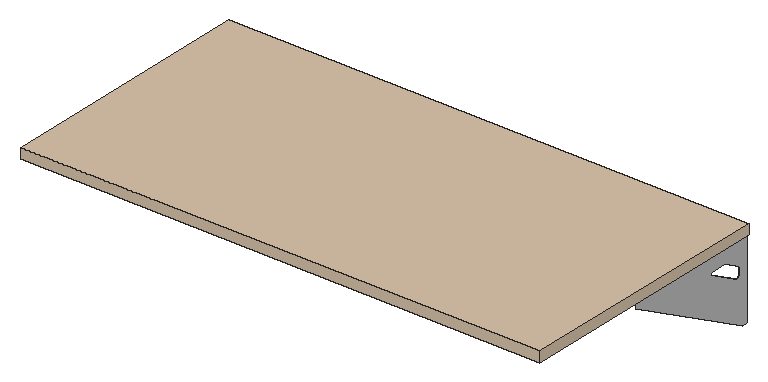
Revit family "Haworth_Compose_Worksurface_Rectangular", category Furniture Systems, Revit 2018
Family settings
  Round Connector Dimension = Use Diameter
  Part Type = Normal
  OmniClass Number = 23.40.70.14.64.21
  OmniClass Title = Systems Furniture
  Work Plane-Based = No
  Always vertical = Yes
  Cut with Voids When Loaded = No
  Shared = No
  Room Calculation Point = No
Parameters (values of type "60w 30d")
  Worksurface Finish = Haworth _ Laminate _ Maple H-AE
  Worksurface Edge Finish = Haworth _ Laminate _ Maple H-AE
  Warranty = "http://www.haworth.com/resources/product-info/warranties"
  URL - Product = "http://www.haworth.com/products/workspaces/panel-based/compose"
  Sustainability Info = "http://media.haworth.com/asset/2999/Compose%20PEDS.pdf"
  Support Right [instance] = and(Right Leg, or(Support Panel, Support Post_90 Degree, Support Post_45 Degree, Support P Leg, Support Column, Double Support Leg, Cantilever Bracket))  # yes
  Support Post_90 Degree = no
  Support Post_45 Degree = no
  Support Panel = not(or(Support Post_90 Degree, Support Post_45 Degree, Support P Leg, Support Column, Double Support Leg, Cantilever Bracket))  # no
  Support P Leg = no
  Support Left [instance] = and(Left Leg, or(Support Panel, Support Post_90 Degree, Support Post_45 Degree, Support P Leg, Support Column, Double Support Leg, Cantilever Bracket))  # yes
  Support Finish = Haworth _ Paint _ Metallic Champagne
  Support Column = no
  Right Leg [instance] = yes
  No Legs [instance] = not(or(Left Leg, Right Leg))  # no
  Model = "WURA"  # constant formula
  Min. Depth = 18"  # constant formula
  Max. Depth = 36"  # constant formula
  Left Leg [instance] = yes
  Height = 29"
  Width = 60"
  URL = "www.haworth.com"
  Support Height = Height - Table Thickness  # 27 13/16"
  Size = "Verify Final Dim. w/ Haworth"  # constant formula
  Revision Number = "5"  # constant formula
  Min/Max Width = "24-120 in."  # constant formula
  Min/Max Height = "26-32 in."  # constant formula
  Min. Width = 24"  # constant formula
  Max. Width = 120"  # constant formula
  Min. Height = 24"  # constant formula
  Max. Height = 48"  # constant formula
  Manufacturer = "Haworth"  # constant formula
  End Support Location = if(Support Panel, 3/4", 1 3/4")  # 1 3/4"
  Double Support Leg = no
  Description = "Haworth - Worksurface - Compose Rectangular"  # constant formula
  Depth = 30"
  Custom Size = not(and(and(not(Height > 32"), not(Height < 26")), or(Depth = 18", Depth = 24", Depth = 30"), or(Width = 24", Width = 30", Width = 36", Width = 42", Width = 48", Width = 54", Width = 60", Width = 66", Width = 72", Width = 78", Width = 84", Width = 90", Width = 96", Width = 102", Width = 108", Width = 114", Width = 120")))  # no
  Cantilever Bracket Location = 1 3/4"  # constant formula
  Cantilever Bracket = yes
  Author = "SHAPE Environments, LLC"  # constant formula
  Assembly Code = "E2020200"
  Actual Width = if(Width > Max. Width, Max. Width, if(Width < Min. Width, Min. Width, Width))  # 60"
  Actual Height = if(Height > Max. Height, Max. Height, if(Height < Min. Height, Min. Height, Height))  # 29"
  Table Thickness = 1 3/16"  # constant formula
  Min/Max Depth = "18-36 in."  # constant formula
  Actual Depth = if(Depth > Max. Depth, Max. Depth, if(Depth < Min. Depth, Min. Depth, Depth))  # 30"
Reference planes (in)
  plane 1 "Center F/B": y = 0
  plane 2 "Floor": z = 0
  plane 3 "Center L/R": x = 0
  plane 4 "Table Edge Left": x = -30
  plane 5 "Table Edge Right": x = 30
  plane 6 "Table Edge Back": y = -15
  plane 7 "Table Edge Front": y = 15
  plane 8 "Table top": z = 29
  plane 9 "End Support Location": x = -28.25
  plane 10 "Masking Region": z = 27
Lines and regions (in)
  Masking region 1
    outline origin (0, 0, 27) x (0, -1, 0) y (1, 0, 0)
      loop
        line (-15, -30) -> (15, -30) -> (15, 30) -> (-15, 30) -> (-15, -30)
Dimensions and locks (in)
  "Actual Depth": plane 7 "Table Edge Front" to plane 6 "Table Edge Back"
  "Actual Width": plane 4 "Table Edge Left" to plane 5 "Table Edge Right"
  equal spacing: plane 4 "Table Edge Left", plane 3 "Center L/R", plane 5 "Table Edge Right"
  equal spacing: plane 7 "Table Edge Front", plane 1 "Center F/B", plane 6 "Table Edge Back"
  "Actual Height": plane 8 "Table top" to level
  "End Support Location": plane 4 "Table Edge Left" to plane 9 "End Support Location"
  "End Support Location": nested 9 to plane 5 "Table Edge Right"
  locked: plane 4 "Table Edge Left" to nested 3 at 3
  locked: nested 3 to plane 6 "Table Edge Back" at 3
  locked: plane 7 "Table Edge Front" to nested 2 at 3
  locked: plane 4 "Table Edge Left" to nested 2 at 3
  locked: nested 5 to plane 5 "Table Edge Right" at 3
  locked: nested 5 to plane 6 "Table Edge Back" at 3
  locked: plane 7 "Table Edge Front" to nested 4 at 3
  locked: nested 4 to plane 5 "Table Edge Right" at 3
  locked: nested 7 to plane 5 "Table Edge Right" at 6
  locked: plane 4 "Table Edge Left" to nested 6 at 6
  locked: plane 8 "Table top" to plane 10 "Masking Region" at 2
  "Cantilever Bracket Location": plane 4 "Table Edge Left" to nested 10
  "Cantilever Bracket Location": nested 11 to plane 5 "Table Edge Right"
  aligned and locked: plane 3 "Center L/R" to nested 1
  aligned and locked: plane 1 "Center F/B" to nested 1
  aligned and locked: nested 8 to plane 1 "Center F/B"
  aligned and locked: plane 9 "End Support Location" to nested 8
  aligned and locked: nested 9 to plane 1 "Center F/B"
  aligned and locked: plane 1 "Center F/B" to nested 6
  aligned and locked: plane 1 "Center F/B" to nested 7
  aligned and locked: plane 4 "Table Edge Left" to Masking region 1 sketch curve
  aligned and locked: Masking region 1 sketch curve to plane 7 "Table Edge Front"
  aligned and locked: nested 1 to Masking region 1 sketch curve
  aligned and locked: Masking region 1 sketch curve to nested 1
  aligned: nested 10 to plane 4 "Table Edge Left"
  aligned and locked: plane 7 "Table Edge Front" to nested 10
  aligned and locked: plane 7 "Table Edge Front" to nested 11
  aligned: plane 5 "Table Edge Right" to nested 11
  aligned: nested 11 to plane 5 "Table Edge Right"
Nested families (in)
  nested 1: "Worksurface-Rectangular" at (0, -15, 0), type "Worksurface"
  nested 2: "Haworth_Worksurface-Support_Part-Leg" at (-35.5, -9.23931, 0), visible <- "Support Left", type "Support"
  nested 3: "Haworth_Worksurface-Support_Part-Leg" at (-35.5, 9.23931, 0), visible <- "Support Left", type "Support"
  nested 4: "Haworth_Worksurface-Support_Part-Leg" at (18.5, 33.23931, 0), visible <- "Support Right", type "Support"
  nested 5: "Haworth_Worksurface-Support_Part-Leg" at (35.5, 9.23931, 0) x (-1, 0, 0) z (0, 0, 1), visible <- "Support Right", type "Support"
  nested 6: "Haworth_Worksurface-Support_Part-Round" at (-24, -5.5, 0), visible <- "Support Left", type "Base"
    with Support Column no, Disc Base no
  nested 7: "Haworth_Worksurface-Support_Part-Round" at (24, -5.5, 0), visible <- "Support Right", type "Base"
    with Support Column no, Disc Base no
  nested 8: "Haworth_Worksurface-Support_Part-End" at (-36.75, 7.86431, 0), visible <- "Support Left", type "Support"
    with Support P Leg no, Leg Support no, Back Support Location 1"
  nested 9: "Haworth_Worksurface-Support_Part-End" at (19.75, 7.86431, 0), visible <- "Support Right", type "Support"
    with Support P Leg no, Leg Support no, Back Support Location 1"
  nested 10: "Haworth_Worksurface-Support_Part-Cantilever-Compose" at (-38.32813, 7.86431, 0), visible <- "Support Left", type "Support"
  nested 11: "Haworth_Worksurface-Support_Part-Cantilever-Compose" at (38.32813, 7.86431, 0) x (-1, 0, 0) z (0, 0, 1), visible <- "Support Right", type "Support"
Definition of nested family "Worksurface-Rectangular"
  Parameters
    Width = 0"
    Warranty = ""
    URL - Product = ""
    URL = "www.haworth.com"
    Table Thickness = 1 3/16"
    Table Finish = none
    Table Edge Finish = none
    Sustainability Info = ""
    Squared Corners = yes
    Size = "Verify Final Dim. w/ Haworth"  # constant formula
    Rounded Corners = no
    Revision Number = ""
    OmniClass Number = ""
    Min/Max Width = ""
    Min/Max Height = ""
    Min. Width = 0"
    Max. Width = 0"
    Min. Height = 0"
    Max. Height = 0"
    Material Options = ""
    Manufacturer = "Haworth"  # constant formula
    LEED Data = ""
    Height = 0"
    Author = "SHAPE Environments, LLC"  # constant formula
    Assembly Code = ""
    Actual Width = 60"
    Actual Height = 29"
    Actual Depth = 30"
  Reference planes (in)
    plane 1 "Center F/B": y = 15
    plane 2: z = 0
    plane 3 "Center L/R": x = 0
    plane 4 "Table Front": y = 30
    plane 5 "Table Right": x = 30
    plane 6 "Table Left": x = -30
    plane 7 "Table Back": y = 0
    plane 8 "Table Top": z = 29
    plane 9 "Table Bottom": z = 27.8125
  Forms (in)
    Extrusion 1, solid, material <- "Table Finish", visible <- "Squared Corners"
      sketch origin (0, 0, 0) x (1, 0, 0) y (0, 1, 0)
        loop
          line (-30, 30) -> (-30, 0) -> (30, 0) -> (30, 30) -> (-30, 30)
      from 27.8125 to 29
    Extrusion 2, solid, material <- "Table Finish", visible <- "Rounded Corners"
      sketch origin (0, 0, 0) x (1, 0, 0) y (0, 1, 0)
        loop
          arc (-28.5, 30) -> (-29.56066, 29.56066) -> (-30, 28.5) r 1.5
          line (-30, 28.5) -> (-30, 1.5)
          arc (-30, 1.5) -> (-29.56066, 0.43934) -> (-28.5, 0) r 1.5
          line (-28.5, 0) -> (28.5, 0)
          arc (28.5, 0) -> (29.56066, 0.43934) -> (30, 1.5) r 1.5
          line (30, 1.5) -> (30, 28.5)
          arc (30, 28.5) -> (29.56066, 29.56066) -> (28.5, 30) r 1.5
          line (28.5, 30) -> (-28.5, 30)
      from 27.8125 to 29
  Lines and regions (in)
    Masking region 1, visible <- "Squared Corners"
      outline origin (0, 0, 29) x (-1, 0, 0) y (0, -1, 0)
        loop
          line (30, -30) -> (30, 0) -> (-30, 0) -> (-30, -30) -> (30, -30)
    Masking region 2, visible <- "Rounded Corners"
      outline origin (0, 0, 29) x (-1, 0, 0) y (0, -1, 0)
        loop
          arc (28.5, -30) -> (29.56066, -29.56066) -> (30, -28.5) r 1.5
          line (30, -28.5) -> (30, -1.5)
          arc (30, -1.5) -> (29.56066, -0.43934) -> (28.5, 0) r 1.5
          line (28.5, 0) -> (-28.5, 0)
          arc (-28.5, 0) -> (-29.56066, -0.43934) -> (-30, -1.5) r 1.5
          line (-30, -1.5) -> (-30, -28.5)
          arc (-30, -28.5) -> (-29.56066, -29.56066) -> (-28.5, -30) r 1.5
          line (-28.5, -30) -> (28.5, -30)
  Dimensions and locks (in)
    "Actual Depth": plane 7 "Table Back" to plane 4 "Table Front"
    "Actual Width": plane 6 "Table Left" to plane 5 "Table Right"
    equal spacing: plane 6 "Table Left", plane 3 "Center L/R", plane 5 "Table Right"
    equal spacing: plane 4 "Table Front", plane 1 "Center F/B", plane 7 "Table Back"
    "Table Thickness": plane 8 "Table Top" to plane 9 "Table Bottom"
    "Actual Height": plane 8 "Table Top" to level
    aligned and locked: plane 6 "Table Left" to Extrusion 1 sketch curve
    aligned and locked: Extrusion 1 sketch curve to plane 4 "Table Front"
    aligned and locked: plane 7 "Table Back" to Extrusion 1 sketch curve
    aligned and locked: plane 5 "Table Right" to Extrusion 1 sketch curve
    aligned and locked: plane 8 "Table Top" to Extrusion 1
    aligned and locked: Extrusion 1 to plane 9 "Table Bottom"
    aligned and locked: plane 6 "Table Left" to Extrusion 2 sketch curve
    aligned and locked: Extrusion 2 sketch curve to plane 7 "Table Back"
    aligned and locked: plane 5 "Table Right" to Extrusion 2 sketch curve
    aligned and locked: Extrusion 2 sketch curve to plane 4 "Table Front"
    aligned and locked: plane 8 "Table Top" to Extrusion 2
    aligned and locked: Extrusion 2 to plane 9 "Table Bottom"
    aligned and locked: Masking region 1 sketch curve to plane 7 "Table Back"
    aligned and locked: plane 5 "Table Right" to Masking region 1 sketch curve
    aligned and locked: Masking region 1 sketch curve to plane 4 "Table Front"
    aligned and locked: plane 6 "Table Left" to Masking region 1 sketch curve
    aligned and locked: Masking region 2 sketch curve to Extrusion 2  (x4)
  Automatic sketch dimensions
    plane 6 "Table Left" to Extrusion 2 sketch curve = 1 1/2"
    Extrusion 2 sketch curve to Extrusion 2 sketch curve = 1 1/2"
    plane 5 "Table Right" to Extrusion 2 sketch curve = 1 1/2"  (x2)
    plane 5 "Table Right" to Masking region 2 sketch curve = 1 1/2"  (x2)
    plane 6 "Table Left" to Masking region 2 sketch curve = 1 1/2"  (x2)
Definition of nested family "Haworth_Worksurface-Support_Part-Cantilever-Compose"
  Parameters
    Worksurface Height = 29"
    Worksurface Depth = 30"
    Warranty = ""
    URL - Product = ""
    URL = "www.haworth.com"
    Top Thickness = 1 3/16"
    Sustainability Info = ""
    Support Thickness = 3/32"  # constant formula
    Support Height = Actual Height - Top Thickness  # 27 13/16"
    Support Finish = none
    Support Depth = 16"  # constant formula
    Size = "Verify Final Dim. w/ Haworth"  # constant formula
    Revision Number = "1"  # constant formula
    Model = "Worksurface"
    Standard Height = "12.75 in."  # constant formula
    Standard Depth = "15.75 in."  # constant formula
    Min. Height = 20"  # constant formula
    Min. Depth = 18"  # constant formula
    Max. Height = 48"  # constant formula
    Max. Depth = 36"  # constant formula
    Manufacturer = "Haworth"  # constant formula
    LEED Data = ""
    Description = "Worksurface Support End"  # constant formula
    Cantilever Bracket = yes
    Bottom Strut Thickness = 1"  # constant formula
    Bottom Strut Location = 9"  # constant formula
    Author = "SHAPE Environments, LLC"  # constant formula
    Assembly Code = ""
    Actual Top Thickness = if(Top Thickness > 3", 3", if(Top Thickness < 1", 1", Top Thickness))  # 1 3/16"
    Actual Height = 29"
    Actual Depth = 30"
  Reference planes (in)
    plane 1: z = 0
    plane 2 "Center L/R": x = 8.5
    plane 3 "Support Left Edge": x = 8.45312
    plane 4 "Support Right Edge": x = 8.54688
    plane 5 "Back": y = 7.13569
    plane 6 "Front": y = -8.86431
    plane 7 "Support Top": z = 27.8125
  Forms (in)
    Extrusion 1, solid, material <- "Support Finish", visible <- "Cantilever Bracket"
      sketch origin (8.45312, 0, 0) x (0, -1, 0) y (0, 0, 1)
        loop
          line (-7.13569, 27.71875) -> (-7.13569, 18.71875) -> (-6.51069, 18.71875) -> (8.86431, 27.23304) -> (8.86431, 27.71875) -> (-7.13569, 27.71875)
        loop
          line (-2.13709, 26.21875) -> (-3.85577, 26.21875)
          arc (-3.85577, 26.21875) -> (-3.91832, 26.2108) -> (-3.97688, 26.18745) r 0.25
          line (-3.97688, 26.18745) -> (-5.94171, 25.09938)
          arc (-5.94171, 25.09938) -> (-5.99206, 25.0533) -> (-6.01069, 24.98764) r 0.125
          line (-6.01069, 24.98764) -> (-6.01069, 24.06204)
          arc (-6.01069, 24.06204) -> (-5.88914, 23.84756) -> (-5.64268, 23.84164) r 0.25
          line (-5.64268, 23.84164) -> (-2.03161, 25.84136)
          arc (-2.03161, 25.84136) -> (-1.94116, 26.07007) -> (-2.13709, 26.21875) r 0.20343
      from 0 to -0.09375
    Extrusion 2, solid, material <- "Support Finish", visible <- "Cantilever Bracket"
      sketch origin (0, 0, 27.8125) x (-1, 0, 0) y (0, -1, 0)
        loop
          line (-8.45313, -6.51069) -> (-8.45312, 8.86431) -> (-10.07812, 8.86431) -> (-10.07813, -6.51069) -> (-8.45313, -6.51069)
      from 0 to -0.09375
  Cuts and joins
    joined: Extrusion 1, Extrusion 2
  Lines and regions (in)
    symbolic lines, visible <- "Cantilever Bracket", detail levels fine
      curve 1: line (8.45312, 7.13569, 0) -> (8.54688, 7.13569, 0)
      curve 2: line (8.45312, -8.86431, 0) -> (8.45312, 7.13569, 0)
      curve 3: line (10.07813, -8.86431, 0) -> (8.45312, -8.86431, 0)
      curve 4: line (8.54688, 7.13569, 0) -> (8.54688, 6.51069, 0)
      curve 5: line (8.54688, 6.51069, 0) -> (10.07813, 6.51069, 0)
      curve 6: line (10.07813, 6.51069, 0) -> (10.07813, -8.86431, 0)
  Dimensions and locks (in)
    "Support Thickness": plane 3 "Support Left Edge" to plane 4 "Support Right Edge"
    equal spacing: plane 3 "Support Left Edge", plane 2 "Center L/R", plane 4 "Support Right Edge"
    "Support Depth": plane 5 "Back" to plane 6 "Front"
    "Support Height": plane 7 "Support Top" to level
    locked: Extrusion 1 sketch curve to Extrusion 1 sketch curve at 9
    locked: Extrusion 1 sketch curve to Extrusion 1 sketch curve at 1.125
    locked: Extrusion 1 sketch curve to Extrusion 1 sketch curve at 1.5
    aligned and locked: plane 4 "Support Right Edge" to Extrusion 1
    aligned and locked: plane 7 "Support Top" to Extrusion 2
  Automatic sketch dimensions
    Extrusion 2 sketch curve to plane 6 "Front" = 0"
    Extrusion 2 sketch curve to plane 3 "Support Left Edge" = 0"
    plane 4 "Support Right Edge" to Extrusion 2 sketch curve = 1 17/32"
    Extrusion 2 sketch curve to plane 5 "Back" = 5/8"
    Extrusion 1 sketch curve to plane 5 "Back" = 0"
    Extrusion 1 sketch curve to plane 6 "Front" = 0"
    Extrusion 1 sketch curve to plane 5 "Back" = 5/8"
    Extrusion 1 sketch curve to Extrusion 1 sketch curve = 0.06898"
    Extrusion 1 sketch curve to Extrusion 1 sketch curve = 1/8"
    Extrusion 1 sketch curve to Extrusion 1 sketch curve = 1/4"  (x2)
    Extrusion 1 sketch curve to Extrusion 1 sketch curve = 0.11801"
    Extrusion 1 sketch curve to Extrusion 1 sketch curve = 1 247/256"
    Extrusion 1 sketch curve to Extrusion 1 sketch curve = 31/256"
    Extrusion 1 sketch curve to Extrusion 1 sketch curve = 1.71868"
    Extrusion 1 sketch curve to Extrusion 1 sketch curve = 27/256"
    Extrusion 1 sketch curve to plane 7 "Support Top" = 9 3/32"
    Extrusion 1 sketch curve to Extrusion 1 sketch curve = 2.37711"
    Extrusion 1 sketch curve to Extrusion 1 sketch curve = 0.9256"
    Extrusion 1 sketch curve to Extrusion 1 sketch curve = 0.37739"
    Extrusion 1 sketch curve to Extrusion 1 sketch curve = 0.48571"
    curve 3 to plane 3 "Support Left Edge" = 0"
    curve 1 to plane 4 "Support Right Edge" = 0"
    curve 6 to plane 6 "Front" = 0"
    curve 4 to plane 5 "Back" = 0"
    curve 6 to plane 5 "Back" = 5/8"
    plane 4 "Support Right Edge" to curve 6 = 1 17/32"
Definition of nested family "Haworth_Worksurface-Support_Part-Leg"
  Parameters
    Top Thickness = 1 3/16"
    Support Post Standard = no
    Support Post 45 Degree = no
    Support Height = Actual Height - Top Thickness  # 27 13/16"
    Model = "Worksurface"
    Worksurface Height = 29"
    Warranty = "www.haworth.com/en-us/Products/Pages/Certifications.aspx"
    URL - Product = "www.haworth.com/en-us/Products/Furniture/Systems/Desking-Systems/Pages/Compose.aspx"
    URL = "www.haworth.com"
    Sustainability Info = "www.haworth.com/en-us/About-Us/Sustainability/Pages/Vision.aspx"
    Support Finish = none
    Size = "Verify Final Dim. w/ Haworth"  # constant formula
    Revision Number = "1"  # constant formula
    Min/Max Height = "26-32 in."  # constant formula
    Min. Height = 20"  # constant formula
    Max. Height = 48"  # constant formula
    Manufacturer = "Haworth"  # constant formula
    LEED Data = "www.haworth.com/_layouts/Haworth.ProductCatalog/Handlers/GetAsset.ashx/ComposeLEEDContributions.pdf?cid=27&rid=1824&type=Leed"
    Description = "Worksurface Support"  # constant formula
    Author = "SHAPE Environments, LLC"  # constant formula
    Assembly Code = "E2020200"
    Actual Top Thickness = if(Top Thickness > 3", 3", if(Top Thickness < 1", 1", Top Thickness))  # 1 3/16"
    Actual Height = 29"
  Reference planes (in)
    plane 1: z = 0
    plane 2 "Center L/R": x = 8.5
    plane 3 "Support Top": z = 27.8125
    plane 4 "Center F/B": y = -21.23931
  Forms (in)
    Extrusion 1, solid, material <- "Support Finish", visible <- "Support Post Standard"
      sketch origin (0, 0, 0) x (1, 0, 0) y (0, 1, 0)
        loop
          line (7.75, -22.86431) -> (9.25, -22.86431) -> (9.25, -19.61431) -> (7.75, -19.61431) -> (7.75, -22.86431)
      from 0 to 27.8125
    Extrusion 2, solid, material <- "Support Finish", visible <- "Support Post 45 Degree"
      sketch origin (17.50805, -0.21044, 0) x (0.707107, -0.707107, 0) y (0.707107, 0.707107, 0)
        loop
          line (7.75, -22.86431) -> (9.25, -22.86431) -> (9.25, -19.61431) -> (7.75, -19.61431) -> (7.75, -22.86431)
      from 0 to 27.8125
  Lines and regions (in)
    symbolic lines, visible <- "Support Post Standard", detail levels fine
      curve 1: line (7.75, -19.61431, 0) -> (9.25, -19.61431, 0)
      curve 2: line (7.75, -22.86431, 0) -> (7.75, -19.61431, 0)
      curve 3: line (9.25, -22.86431, 0) -> (7.75, -22.86431, 0)
      curve 4: line (9.25, -19.61431, 0) -> (9.25, -22.86431, 0)
    symbolic lines, visible <- "Support Post 45 Degree", detail levels fine
      curve 5: line (6.82062, -21.85803, 0) -> (9.11872, -19.55993, 0)
      curve 6: line (9.11872, -19.55993, 0) -> (10.17938, -20.62059, 0)
      curve 7: line (10.17938, -20.62059, 0) -> (7.88128, -22.91869, 0)
      curve 8: line (7.88128, -22.91869, 0) -> (6.82062, -21.85803, 0)
  Dimensions and locks (in)
    "Support Height": plane 3 "Support Top" to level
    aligned and locked: plane 3 "Support Top" to Extrusion 1
    aligned and locked: plane 3 "Support Top" to Extrusion 2
  Automatic sketch dimensions
    Extrusion 1 sketch curve to plane 4 "Center F/B" = 1 5/8"
    plane 2 "Center L/R" to Extrusion 1 sketch curve = 3/4"
    Extrusion 1 sketch curve to plane 2 "Center L/R" = 3/4"
    plane 4 "Center F/B" to Extrusion 1 sketch curve = 1 5/8"
    plane 2 "Center L/R" to Extrusion 2 sketch curve = 0.61872"
    Extrusion 2 sketch curve to plane 4 "Center F/B" = 1.67938"
    Extrusion 2 sketch curve to Extrusion 2 sketch curve = 1 1/2"
    Extrusion 2 sketch curve to Extrusion 2 sketch curve = 3 1/4"
    plane 4 "Center F/B" to curve 5 = 0.61872"
    curve 2 to plane 2 "Center L/R" = 3/4"
    curve 2 to curve 7 = 0.13128"
    plane 2 "Center L/R" to curve 6 = 0.61872"
    curve 5 to curve 4 = 0.13128"
    curve 6 to plane 4 "Center F/B" = 0.61872"
    curve 1 to curve 6 = 0.92938"
    curve 7 to curve 2 = 0.05438"
    curve 1 to curve 5 = 0.05438"
Definition of nested family "Haworth_Worksurface-Support_Part-Round"
  Parameters
    Warranty = ""
    URL - Product = ""
    URL = "www.haworth.com"
    Support Column = yes
    Leg Height = 27 13/16"
    Disc Radius = 10 1/2"
    Disc Base = yes
    Base Finish = none
    Sustainability Info = ""
    Size = "Verify Final Dim. w/ Haworth"  # constant formula
    Revision Number = ""
    OmniClass Number = ""
    Material Options = ""
    Manufacturer = "Haworth"  # constant formula
    LEED Data = ""
    Author = "SHAPE Environments, LLC"  # constant formula
    Assembly Code = ""
  Reference planes (in)
    plane 1 "Center F/B": y = 5.5
    plane 2: z = 0
    plane 3 "Center L/R": x = 0
    plane 4 "Table Bottom": z = 27.8125
  Forms (in)
    Revolve 1, solid, material <- "Base Finish", visible <- "Disc Base"
      sketch origin (0, 5.5, 0) x (1, 0, 0) y (0, 0, 1)
        loop
          line (0, 27.8125) -> (-1.5, 27.8125) -> (-1.5, 1.25) -> (-3.53244, 1.25) -> (-4.28244, 0.5) -> (-10.5, 0.5) -> (-10.5, 0) -> (0, 0) -> (0, 27.8125)
        axis (0, 27.8125) -> (0, 0)
      angle from 0 to 360
    Revolve 2, solid, material <- "Base Finish", visible <- "Support Column"
      sketch origin (0, 5.5, 0) x (1, 0, 0) y (0, 0, 1)
        loop
          line (0, 27.8125) -> (-1.5, 27.8125) -> (-1.5, 0) -> (0, 0) -> (0, 27.8125)
        axis (0, 27.8125) -> (0, 0)
      angle from 0 to 360
  Lines and regions (in)
    symbolic lines, visible <- "Disc Base", detail levels fine
      curve 1: circle (0, 5.5, 0) r 10.5 normal (0, 0, 1)
      curve 3: circle (0, 5.5, 0) r 1.5 normal (0, 0, 1)
    symbolic lines, visible <- "Support Column", detail levels fine
      curve 2: circle (0, 5.5, 0) r 1.5 normal (0, 0, 1)
  Dimensions and locks (in)
    "Disc Radius": plane 3 "Center L/R" to Revolve 1 sketch curve
    "Leg Height": plane 4 "Table Bottom" to level
    plane 3 "Center L/R" to Revolve 1 sketch curve = 1 1/2"
    locked: plane 3 "Center L/R" to Revolve 2 sketch curve at 1.5
    aligned and locked: Revolve 1 to plane 4 "Table Bottom"  (x2)
  Automatic sketch dimensions
    Revolve 1 sketch curve to level = 0"
    Revolve 1 sketch curve to plane 4 "Table Bottom" = 0"
    Revolve 1 sketch curve to plane 3 "Center L/R" = 0"  (x2)
    Revolve 1 sketch curve to Revolve 1 sketch curve = 2.03244"
    level to Revolve 1 sketch curve = 1/2"
    Revolve 1 sketch curve to Revolve 1 sketch curve = 3/4"
    Revolve 1 sketch curve to Revolve 1 sketch curve = 6.24462"
    level to Revolve 1 sketch curve = 1 1/4"
    Revolve 1 sketch curve to Revolve 1 sketch curve = 7.21204"
    Revolve 2 sketch curve to plane 4 "Table Bottom" = 0"
    Revolve 2 sketch curve to plane 3 "Center L/R" = 0"  (x2)
    Revolve 2 sketch curve to Revolve 2 sketch curve = 6.24462"
    Revolve 2 sketch curve to Revolve 2 sketch curve = 7.21204"
    Revolve 2 sketch curve to level = 0"
    curve 1 to curve 2 = 0"  (x2)
    curve 1 to curve 3 = 0"  (x2)
    curve 2 to curve 3 = 0"  (x2)
    plane 1 "Center F/B" to curve 2 = 0"
    curve 2 to plane 3 "Center L/R" = 0"
    radius of curve 1 = 10 1/2"
    radius of curve 2 = 1 1/2"
    radius of curve 3 = 1 1/2"
Definition of nested family "Haworth_Worksurface-Support_Part-End"
  Parameters
    Worksurface Height = 29"
    Worksurface Depth = 30"
    Warranty = ""
    URL - Product = ""
    URL = "www.haworth.com"
    Top Thickness = 1 3/16"
    Sustainability Info = ""
    Support Thickness = if(Support Panel, 1 1/2", 2")  # 2"
    Support Panel = no
    Support P Leg = yes
    Support Height = Actual Height - Top Thickness  # 27 13/16"
    Support Finish = none
    Support Double Leg = no
    Size = "Verify Final Dim. w/ Haworth"  # constant formula
    Revision Number = "1"  # constant formula
    Model = "Worksurface"
    Min/Max Height = "26-32 in."  # constant formula
    Min/Max Depth = "18-36 in."  # constant formula
    Min. Height = 20"  # constant formula
    Min. Depth = 18"  # constant formula
    Max. Height = 48"  # constant formula
    Max. Depth = 36"  # constant formula
    Manufacturer = "Haworth"  # constant formula
    Leg Support = or(Support P Leg, Support Double Leg)  # yes
    LEED Data = ""
    Description = "Worksurface Support End"  # constant formula
    Bottom Strut Thickness = 1"  # constant formula
    Bottom Strut Location = 9"  # constant formula
    Back Support Location = if(Support P Leg, 0", 1")  # 0"
    Author = "SHAPE Environments, LLC"  # constant formula
    Assembly Code = ""
    Actual Top Thickness = if(Top Thickness > 3", 3", if(Top Thickness < 1", 1", Top Thickness))  # 1 3/16"
    Actual Height = 29"
    Actual Depth = 30"
  Reference planes (in)
    plane 1: z = 0
    plane 2 "Center L/R": x = 8.5
    plane 3 "Support Left Edge": x = 7.5
    plane 4 "Support Right Edge": x = 9.5
    plane 5 "Back": y = 7.13569
    plane 6 "Front": y = -22.86431
    plane 7 "Support Top": z = 27.8125
    plane 8 "Mid Strut Top": z = 21.5625
    plane 9 "Mid Strut Bottom": z = 20.8125
    plane 10 "Top Strut Bottom": z = 26.0625
    plane 11 "Front Support Exterior": y = -21.86431
    plane 12 "Front Support Interior": y = -20.86431
    plane 13 "Back Support Interior": y = 6.13569
    plane 14 "Back Support Exterior": y = 7.13569
    plane 15 "Center F/B": y = -7.86431
  Forms (in)
    Extrusion 1, solid, material <- "Support Finish", visible <- "Support Panel"
      sketch origin (0, 0, 0) x (1, 0, 0) y (0, 1, 0)
        loop
          line (7.5, 7.13569) -> (7.5, -22.86431) -> (9.5, -22.86431) -> (9.5, 7.13569) -> (7.5, 7.13569)
      from 0 to 27.8125
    Extrusion 2, solid, material <- "Support Finish", visible <- "Support P Leg"
      sketch origin (8.5, 0, 0) x (0, 1, 0) y (0, 0, 1)
        loop
          line (7.13569, 20.8125) -> (7.13569, 27.8125) -> (6.13569, 27.8125) -> (6.13569, 21.5625) -> (-20.86431, 21.5625) -> (-20.86431, 27.8125) -> (-21.86431, 27.8125) -> (-21.86431, 0) -> (-20.86431, 0) -> (-20.86431, 20.8125) -> (7.13569, 20.8125)
      from -1 to 1
    Extrusion 3, solid, material <- "Support Finish", visible <- "Support Double Leg"
      sketch origin (8.5, 0, 0) x (0, 1, 0) y (0, 0, 1)
        loop
          line (6.13569, 20.8125) -> (6.13569, 0) -> (7.13569, 0) -> (7.13569, 27.8125) -> (6.13569, 27.8125) -> (6.13569, 21.5625) -> (-20.86431, 21.5625) -> (-20.86431, 27.8125) -> (-21.86431, 27.8125) -> (-21.86431, 0) -> (-20.86431, 0) -> (-20.86431, 20.8125) -> (6.13569, 20.8125)
      from -1 to 1
    Extrusion 4, solid, material <- "Support Finish", visible <- "Leg Support"
      sketch origin (8.5, 0, 0) x (0, 1, 0) y (0, 0, 1)
        loop
          line (6.13569, 27.8125) -> (-20.86431, 27.8125) -> (-20.86431, 26.0625) -> (6.13569, 26.0625) -> (6.13569, 27.8125)
      from -0.625 to 0.625
  Lines and regions (in)
    symbolic lines, visible <- "Support Double Leg", detail levels fine
      curve 1: line (7.5, 7.13569, 0) -> (9.5, 7.13569, 0)
      curve 6: line (7.5, -21.86431, 0) -> (7.5, 7.13569, 0)
      curve 7: line (9.5, -21.86431, 0) -> (7.5, -21.86431, 0)
      curve 8: line (9.5, 7.13569, 0) -> (9.5, -21.86431, 0)
    symbolic lines, visible <- "Support Panel", detail levels fine
      curve 2: line (7.5, -22.86431, 0) -> (7.5, 7.13569, 0)
      curve 3: line (9.5, -22.86431, 0) -> (7.5, -22.86431, 0)
      curve 4: line (9.5, 7.13569, 0) -> (9.5, -22.86431, 0)
      curve 9: line (7.5, 7.13569, 0) -> (9.5, 7.13569, 0)
    symbolic lines, visible <- "Support P Leg", detail levels fine
      curve 5: line (7.5, 7.13569, 0) -> (9.5, 7.13569, 0)
      curve 10: line (7.5, -21.86431, 0) -> (7.5, 7.13569, 0)
      curve 11: line (9.5, -21.86431, 0) -> (7.5, -21.86431, 0)
      curve 12: line (9.5, 7.13569, 0) -> (9.5, -21.86431, 0)
  Dimensions and locks (in)
    "Support Thickness": plane 3 "Support Left Edge" to plane 4 "Support Right Edge"
    equal spacing: plane 3 "Support Left Edge", plane 2 "Center L/R", plane 4 "Support Right Edge"
    "Actual Depth": plane 5 "Back" to plane 6 "Front"
    locked: plane 7 "Support Top" to plane 10 "Top Strut Bottom" at 1.75
    "Support Height": plane 7 "Support Top" to level
    "Back Support Location": plane 5 "Back" to plane 14 "Back Support Exterior"
    locked: plane 14 "Back Support Exterior" to plane 13 "Back Support Interior" at 1
    plane 12 "Front Support Interior" to plane 11 "Front Support Exterior" to plane 6 "Front" = 1" locked, 1" locked
    plane 7 "Support Top" to plane 9 "Mid Strut Bottom" = 7"
    locked: plane 8 "Mid Strut Top" to plane 9 "Mid Strut Bottom" at 0.75
    equal spacing: plane 5 "Back", plane 15 "Center F/B", plane 6 "Front"
    aligned and locked: plane 3 "Support Left Edge" to Extrusion 1 sketch curve
    aligned and locked: Extrusion 1 sketch curve to plane 5 "Back"
    aligned and locked: plane 6 "Front" to Extrusion 1 sketch curve
    aligned and locked: Extrusion 1 sketch curve to plane 4 "Support Right Edge"
    aligned and locked: plane 7 "Support Top" to Extrusion 1
    aligned: Extrusion 1 to level
    aligned and locked: Extrusion 1 to plane 7 "Support Top"
    aligned and locked: Extrusion 1 to plane 1
    aligned and locked: plane 1 to Extrusion 1
    aligned and locked: plane 9 "Mid Strut Bottom" to Extrusion 2 sketch curve
    aligned and locked: plane 8 "Mid Strut Top" to Extrusion 2 sketch curve
    aligned and locked: plane 12 "Front Support Interior" to Extrusion 2 sketch curve
    aligned and locked: plane 11 "Front Support Exterior" to Extrusion 2 sketch curve
    aligned and locked: plane 7 "Support Top" to Extrusion 2 sketch curve
    aligned and locked: level to Extrusion 2 sketch curve
    aligned and locked: plane 13 "Back Support Interior" to Extrusion 3 sketch curve
    aligned and locked: Extrusion 3 sketch curve to plane 13 "Back Support Interior"
    aligned and locked: Extrusion 3 sketch curve to plane 14 "Back Support Exterior"
    aligned and locked: Extrusion 3 sketch curve to plane 7 "Support Top"  (x2)
    aligned and locked: Extrusion 3 sketch curve to plane 11 "Front Support Exterior"
    aligned and locked: Extrusion 3 sketch curve to plane 12 "Front Support Interior"  (x2)
    aligned and locked: Extrusion 3 sketch curve to plane 9 "Mid Strut Bottom"
    aligned and locked: Extrusion 3 sketch curve to plane 8 "Mid Strut Top"
    aligned and locked: plane 3 "Support Left Edge" to Extrusion 3
    aligned and locked: plane 3 "Support Left Edge" to Extrusion 2
    aligned and locked: plane 4 "Support Right Edge" to Extrusion 3
    aligned and locked: plane 4 "Support Right Edge" to Extrusion 2
    aligned and locked: plane 13 "Back Support Interior" to Extrusion 2 sketch curve
    aligned and locked: Extrusion 2 sketch curve to plane 14 "Back Support Exterior"
    aligned and locked: plane 13 "Back Support Interior" to Extrusion 4 sketch curve
    aligned and locked: plane 10 "Top Strut Bottom" to Extrusion 4 sketch curve
    aligned and locked: plane 7 "Support Top" to Extrusion 4 sketch curve
    aligned and locked: plane 12 "Front Support Interior" to Extrusion 4 sketch curve
  Automatic sketch dimensions
    Extrusion 2 sketch curve to Extrusion 2 sketch curve = 0"
    Extrusion 2 sketch curve to plane 7 "Support Top" = 0"
    Extrusion 3 sketch curve to level = 0"  (x2)
    curve 10 to plane 3 "Support Left Edge" = 0"
    curve 7 to plane 4 "Support Right Edge" = 0"
    curve 3 to plane 6 "Front" = 0"
    plane 11 "Front Support Exterior" to curve 11 = 0"
    curve 9 to plane 5 "Back" = 0"
Types in the file's own list only (98): name | Width | Depth | Custom Size | Actual Width | Actual Depth
  24w 18d | 24" | 18" | No | 24" | 18"
  27w 18d | 27" | 18" | Yes | 27" | 18"
  30w 18d | 30" | 18" | No | 30" | 18"
  33w 18d | 33" | 18" | Yes | 33" | 18"
  36w 18d | 36" | 18" | No | 36" | 18"
  39w 18d | 39" | 18" | Yes | 39" | 18"
  42w 18d | 42" | 18" | No | 42" | 18"
  45w 18d | 45" | 18" | Yes | 45" | 18"
  48w 18d | 48" | 18" | No | 48" | 18"
  51w 18d | 51" | 18" | Yes | 51" | 18"
  54w 18d | 54" | 18" | No | 54" | 18"
  57w 18d | 57" | 18" | Yes | 57" | 18"
  60w 18d | 60" | 18" | No | 60" | 18"
  63w 18d | 63" | 18" | Yes | 63" | 18"
  66w 18d | 66" | 18" | No | 66" | 18"
  69w 18d | 69" | 18" | Yes | 69" | 18"
  72w 18d | 72" | 18" | No | 72" | 18"
  75w 18d | 75" | 18" | Yes | 75" | 18"
  78w 18d | 78" | 18" | No | 78" | 18"
  81w 18d | 81" | 18" | Yes | 81" | 18"
  84w 18d | 84" | 18" | No | 84" | 18"
  87w 18d | 87" | 18" | Yes | 87" | 18"
  90w 18d | 90" | 18" | No | 90" | 18"
  93w 18d | 93" | 18" | Yes | 93" | 18"
  96w 18d | 96" | 18" | No | 96" | 18"
  99w 18d | 99" | 18" | Yes | 99" | 18"
  102w 18d | 102" | 18" | No | 102" | 18"
  105w 18d | 105" | 18" | Yes | 105" | 18"
  108w 18d | 108" | 18" | No | 108" | 18"
  111w 18d | 111" | 18" | Yes | 111" | 18"
  114w 18d | 114" | 18" | No | 114" | 18"
  117w 18d | 117" | 18" | Yes | 117" | 18"
  120w 18d | 120" | 18" | No | 120" | 18"
  24w 24d | 24" | 24" | No | 24" | 24"
  27w 24d | 27" | 24" | Yes | 27" | 24"
  30w 24d | 30" | 24" | No | 30" | 24"
  33w 24d | 33" | 24" | Yes | 33" | 24"
  36w 24d | 36" | 24" | No | 36" | 24"
  39w 24d | 39" | 24" | Yes | 39" | 24"
  42w 24d | 42" | 24" | No | 42" | 24"
  45w 24d | 45" | 24" | Yes | 45" | 24"
  48w 24d | 48" | 24" | No | 48" | 24"
  51w 24d | 51" | 24" | Yes | 51" | 24"
  54w 24d | 54" | 24" | No | 54" | 24"
  57w 24d | 57" | 24" | Yes | 57" | 24"
  60w 24d | 60" | 24" | No | 60" | 24"
  63w 24d | 63" | 24" | Yes | 63" | 24"
  66w 24d | 66" | 24" | No | 66" | 24"
  69w 24d | 69" | 24" | Yes | 69" | 24"
  72w 24d | 72" | 24" | No | 72" | 24"
  75w 24d | 75" | 24" | Yes | 75" | 24"
  78w 24d | 78" | 24" | No | 78" | 24"
  81w 24d | 81" | 24" | Yes | 81" | 24"
  84w 24d | 84" | 24" | No | 84" | 24"
  87w 24d | 87" | 24" | Yes | 87" | 24"
  90w 24d | 90" | 24" | No | 90" | 24"
  93w 24d | 93" | 24" | Yes | 93" | 24"
  96w 24d | 96" | 24" | No | 96" | 24"
  99w 24d | 99" | 24" | Yes | 99" | 24"
  102w 24d | 102" | 24" | No | 102" | 24"
  105w 24d | 105" | 24" | Yes | 105" | 24"
  108w 24d | 108" | 24" | No | 108" | 24"
  111w 24d | 111" | 24" | Yes | 111" | 24"
  114w 24d | 114" | 24" | No | 114" | 24"
  117w 24d | 117" | 24" | Yes | 117" | 24"
  120w 24d | 120" | 24" | No | 120" | 24"
  24w 30d | 24" | 30" | No | 24" | 30"
  27w 30d | 27" | 30" | Yes | 27" | 30"
  30w 30d | 30" | 30" | No | 30" | 30"
  33w 30d | 33" | 30" | Yes | 33" | 30"
  36w 30d | 36" | 30" | No | 36" | 30"
  39w 30d | 39" | 30" | Yes | 39" | 30"
  42w 30d | 42" | 30" | No | 42" | 30"
  45w 30d | 45" | 30" | Yes | 45" | 30"
  48w 30d | 48" | 30" | No | 48" | 30"
  51w 30d | 51" | 30" | Yes | 51" | 30"
  54w 30d | 54" | 30" | No | 54" | 30"
  57w 30d | 57" | 30" | Yes | 57" | 30"
  63w 30d | 63" | 30" | Yes | 63" | 30"
  66w 30d | 66" | 30" | No | 66" | 30"
  69w 30d | 69" | 30" | Yes | 69" | 30"
  72w 30d | 72" | 30" | No | 72" | 30"
  75w 30d | 75" | 30" | Yes | 75" | 30"
  78w 30d | 78" | 30" | No | 78" | 30"
  81w 30d | 81" | 30" | Yes | 81" | 30"
  84w 30d | 84" | 30" | No | 84" | 30"
  87w 30d | 87" | 30" | Yes | 87" | 30"
  90w 30d | 90" | 30" | No | 90" | 30"
  93w 30d | 93" | 30" | Yes | 93" | 30"
  96w 30d | 96" | 30" | No | 96" | 30"
  99w 30d | 99" | 30" | Yes | 99" | 30"
  102w 30d | 102" | 30" | No | 102" | 30"
  105w 30d | 105" | 30" | Yes | 105" | 30"
  108w 30d | 108" | 30" | No | 108" | 30"
  111w 30d | 111" | 30" | Yes | 111" | 30"
  114w 30d | 114" | 30" | No | 114" | 30"
  117w 30d | 117" | 30" | Yes | 117" | 30"
  120w 30d | 120" | 30" | No | 120" | 30"
